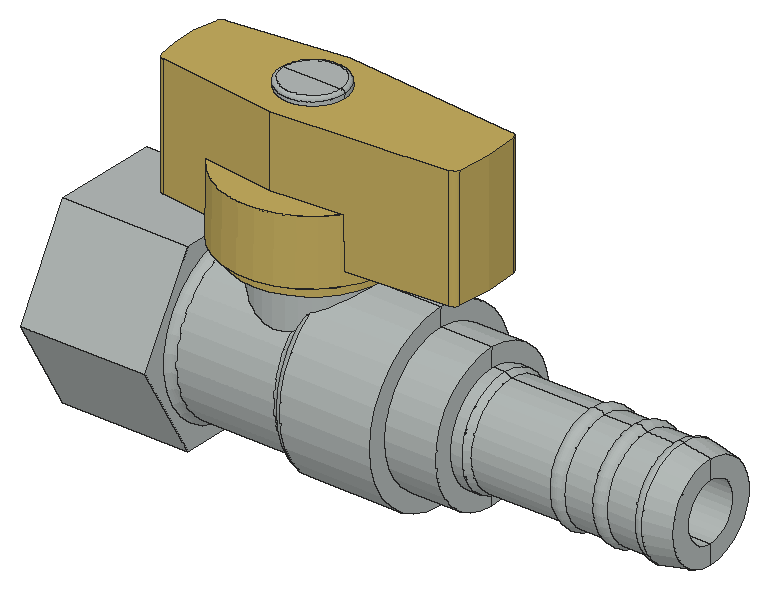
Revit family "QP21300000", category Apparecchi idraulici, Revit 2020
Family settings
  Quota connettore circolare = Usa diametro
  Tipo di parte = Normale
  Numero OmniClass = 23.45.00.00
  Titolo OmniClass = Sanitary, Laundry, and Cleaning Equipment
  Basato su piano di lavoro = No
  Sempre verticale = Sì
  Taglio con vuoti quando caricato = No
  Condiviso = No
  Punto di calcolo locali = No
Parameters
  URL = "https://web.cimberio.com/index.php/figura/136?subcategoria_id="
  Temperatura di esercizio = "-20 ÷ 60°C"
  Prospetto di default = 0 mm
  Produttore = "CIMBERIO SPA"
  Pressione nominale = "MOP 5"
  Modello = "Cim 172PG"
  Materiale = "Prodotto in lega di ottone conforme alla norma EN 12165-CW617N-DW"
  Descrizione = "Utilizzato nell’impiantistica distributiva di gas a bassa pressione per le categorie:\r\nGas naturali: gas derivati dal petrolio (Metano) e gas di ricambio.\r\nGas di città: prodotti secondo i diversi procedimenti (Cracking - Cokerie - ecc.).\r\nGas liquidi: propano e miscele di gas propano/butano"
  DN Model [instance] = QP21303110 : QP21303110
  DN [instance] = 15 mm
  Commenti sul tipo = "Realizzato in ottemperanza ai requisiti gestionali della norma EN ISO 9001.\r\nCollaudato al 100% secondo la normativa EN 12266-1"
Reference planes
  plane 1 "Centro (Fronte/Retro)": y = 0
  plane 2: z = 0
  plane 3 "Centro (Sinistra/Destra)": x = 0
Dimensions and locks
  aligned and locked: level to plane 2
Nested families
  nested 1: "QP21303110" at (0, 0, 0), type <- "DN Model", type "QP21303110"
  nested 2: "QP21303110" at (0, 0, 0), type <- "DN Model", type "QP21303110"
  nested 3: "QP21303110" at (0, 0, 0), type <- "DN Model", type "QP21303110"
  nested 4: "QP21303110" at (0, 0, 0), type <- "DN Model", type "QP21303110"
Connectors
  piping at (56.067, 0, 0), diameter 15, driven by "DN"
    settings: on nested 1, index 1, connector inside diameter 609.6 mm, connector length 0 mm, flow factor 0, pipe flow 0.0 L/s, pressure drop 0.0 Pa, fitting loss kfactor 0, connector angle 0.00°, fixture units 0, engagement length 0 mm, angle of deflection 0.00°, flow configuration 0, flow direction 0, fitting loss method 0, system type 7, joint type 0, gender type 0, connector reference index -1, connector utility 0, adjustable connector no, is connector primary yes, connector description ""
  piping at (-29.233, 0, 0), diameter 15, driven by "DN"
    settings: on nested 1, index 2, connector inside diameter 609.6 mm, connector length 0 mm, flow factor 0, pipe flow 0.0 L/s, pressure drop 0.0 Pa, fitting loss kfactor 0, connector angle 0.00°, fixture units 0, engagement length 0 mm, angle of deflection 0.00°, flow configuration 0, flow direction 0, fitting loss method 0, system type 7, joint type 0, gender type 0, connector reference index -1, connector utility 0, adjustable connector no, is connector primary no, connector description ""
Definition of nested family "QP21303110"
  Parameters (values of type "QP21303110")
    URL = ""
    Default Elevation = 0 mm
    Manufacturer = ""
    Model = ""
    Description = ""
    Type Comments = ""
  Reference planes
    plane 1 "Centro (Fronte/Retro)": y = 0
    plane 2: z = 0
    plane 3 "Centro (Sinistra/Destra)": x = 0
  Forms (mm)
    Revolve 1, solid
      sketch origin (0.744, 0, 1.406) x (1, 0, 0) y (0, 0, 1)
        loop
          line (11.146, 13.716) -> (10.988, 22.789) -> (-0.448, 22.789) -> (-0.448, 11.85) -> (9.552, 11.85) -> (9.552, 12.795) -> (11.146, 13.716)
        axis (-0.754, 11.85) -> (-0.754, 22.789)
      angle from 0 to 360
    Revolve 2, solid
      sketch origin (0.751, 0, 1.446) x (1, 0, 0) y (0, 0, 1)
        loop
          arc (3.746, 33.15) -> (3.6, 33.504) -> (3.246, 33.65) r 0.5
          line (3.246, 33.65) -> (-0.754, 33.65) -> (-0.754, 31.443) -> (3.746, 31.443) -> (3.746, 33.15)
        axis (-0.754, 33.65) -> (-0.754, 31.443)
      angle from 0 to 360
    Extrusion 3, solid
      sketch origin (1.758, 0, 1.45) x (1, 0, 0) y (0, 1, 0)
        loop
          arc (-19.114, 4.772) -> (-19.758, -0.042) -> (-19.091, -4.852) r 18
          arc (-19.091, -4.852) -> (-18.778, -5.343) -> (-18.244, -5.576) r 1
          line (-18.244, -5.576) -> (-1.755, -7.5) -> (21.908, -5.5)
          arc (21.908, -5.5) -> (22.493, -5.247) -> (22.806, -4.691) r 1
          arc (22.806, -4.691) -> (23.25, 0) -> (22.806, 4.691) r 25
          arc (22.806, 4.691) -> (22.489, 5.25) -> (21.897, 5.501) r 1
          line (21.897, 5.501) -> (-2.38, 7.425) -> (-18.27, 5.5)
          arc (-18.27, 5.5) -> (-18.802, 5.265) -> (-19.114, 4.772) r 1
      from 15.62 to 32.65
    Revolve 4, solid
      sketch origin (1.758, 0, 0) x (1, 0, 0) y (0, 0, 1)
        loop
          line (-0.754, 4.83) -> (7.416, 4.83) -> (7.416, 16.081) -> (-0.754, 16.081) -> (-0.754, 4.83)
        axis (-0.754, 16.081) -> (-0.754, 4.83)
      angle from 0 to 360
    Revolve 5, solid
      sketch origin (0, 0, 0) x (1, 0, 0) y (0, 0, 1)
        loop
          line (18.067, -12.494) -> (18.067, -9.994) -> (25.323, -9.994) -> (25.323, -4) -> (-11.666, -4) -> (-11.666, -11.78)
          arc (-11.666, -11.78) -> (-11.117, -11.231) -> (-10.367, -11.03) r 1.5
          line (-10.367, -11.03) -> (3.324, -11.03)
          arc (3.324, -11.03) -> (3.81, -11.156) -> (4.191, -11.497) r 1
          arc (4.191, -11.497) -> (4.648, -12.134) -> (5.344, -12.494) r 1.682
          line (5.344, -12.494) -> (18.067, -12.494)
        axis (-11.666, 0) -> (25.323, 0)
      angle from 0 to 360
    Revolve 6, solid
      sketch origin (0, 0, 0) x (1, 0, 0) y (0, 0, 1)
        loop
          line (56.067, 4) -> (56.067, 6.678) -> (52.327, 7.473)
          arc (52.327, 7.473) -> (51.628, 7.42) -> (51.067, 7) r 1.25
          line (51.067, 7) -> (47.067, 7)
          arc (47.067, 7) -> (46.067, 7.5) -> (45.067, 7) r 1.25
          line (45.067, 7) -> (41.067, 7)
          arc (41.067, 7) -> (40.067, 7.5) -> (39.067, 7) r 1.25
          line (39.067, 7) -> (27.933, 7) -> (27.067, 7.5) -> (25.067, 7.5) -> (25.067, 4) -> (56.067, 4)
        axis (56.067, 0) -> (25.067, 0)
      angle from 0 to 360
    Extrusion 7, solid
      sketch origin (0, 0, 0) x (0, 1, 0) y (0, 0, 1)
        loop
          circle (0, 0) r 4.006
        loop
          line (-14.9, 0) -> (-7.45, -12.904) -> (7.45, -12.904) -> (14.9, 0) -> (7.45, 12.904) -> (-7.45, 12.904) -> (-14.9, 0)
      from -29.233 to -11.666
  Dimensions and locks
    aligned and locked: level to plane 2
